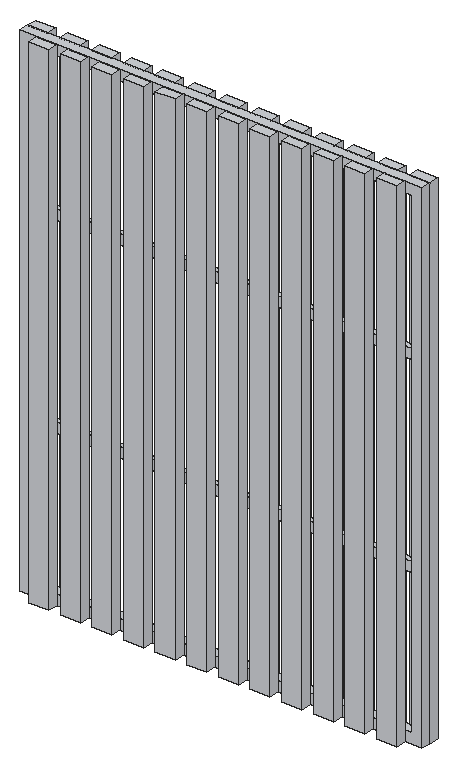
Revit family "Privacy Screen_Virtical Members_Double", category Generic Models, Revit 2025
Family settings
  Can host rebar = No
  Round Connector Dimension = Use Diameter
  Part Type = Normal
  Work Plane-Based = No
  Always vertical = Yes
  Cut with Voids When Loaded = No
  Maintain Annotation Orientation = No
  Shared = No
  Room Calculation Point = No
Parameters
  Screen height [instance] = 2500 mm
  Screen Width [instance] = 2000 mm
  Post Width = 100 mm
  Post Height [instance] = Screen height  # 2500 mm
  Post Depth = 50 mm
  Material = none
  Frame Width = 50 mm
  Frame Depth = 50 mm
  Default Elevation = 0 mm
  Bottom Battern Height [instance] = 750 mm
  Battern Width = 25 mm
  Battern Thickness = 50 mm
  Battern Spacing [instance] = (Battern Length - Post Width) / Baluster Count / 2  # 69.231 mm
  Battern Space [instance] = 1000 mm
  Battern Length [instance] = Screen Width - 2 * Frame Depth  # 1900 mm
  Baluster Start [instance] = 50 mm  # constant formula
  Baluster Count 2 [instance] = (Screen Width / Post Depth) / 3 - 1  # 12
  Baluster Count [instance] = (Screen Width / Post Depth) / 3  # 13
  Baluster 2 Start [instance] = Post Width + Battern Spacing / 2  # 134.615 mm
Reference planes
  plane 1 "Center (Front/Back)": y = 0
  plane 2: z = 0
  plane 3 "Center (Left/Right)": x = 0
  plane 4: x = -1000
  plane 5: x = 1000
  plane 6: z = 2500
  plane 7: z = 50
  plane 8: x = -950
  plane 9: x = 950
  plane 10: z = 2450
  plane 11: y = -25
  plane 12: y = 25
  plane 13: x = -900
  plane 14: x = -950
  plane 15: x = 900
  plane 16: x = 950
  plane 17: z = 750
  plane 18: z = 1750
  plane 19: y = 0
  plane 20: x = -865.385
  plane 21: x = 865.385
  plane 22: y = -50
  plane 23: x = -865.385
  plane 24: x = -950
  plane 25: x = 950
  plane 26: x = -791.667
  plane 27: x = -633.333
  plane 28: x = -475
  plane 29: x = -316.667
  plane 30: x = -158.333
  plane 31: x = 0
  plane 32: x = 158.333
  plane 33: x = 316.667
  plane 34: x = 475
  plane 35: x = 633.333
  plane 36: x = 791.667
  plane 37: x = 865.385
  plane 38: x = -708.042
  plane 39: x = -550.699
  plane 40: x = -393.357
  plane 41: x = -236.014
  plane 42: x = -78.671
  plane 43: x = 78.671
  plane 44: x = 236.014
  plane 45: x = 393.357
  plane 46: x = 550.699
  plane 47: x = 708.042
Forms (mm)
  Sweep 1, solid, material <- "Material"
    path origin (0, 0, 0) x (1, 0, 0) y (0, 0, 1)
      loop
        line (-1000, 0) -> (1000, 0) -> (1000, 2500) -> (-1000, 2500) -> (-1000, 0)
    profile origin (-1000, 0, 1250) x (0, -1, 0) y (1, 0, 0)
      loop
        line (0, 0) -> (50, 0) -> (50, 50) -> (0, 50) -> (0, 0)
Dimensions and locks
  equal spacing: plane 4, plane 3 "Center (Left/Right)", plane 5
  "Screen Width": plane 4 to plane 5
  "Screen height": plane 6 to plane 2
  "Frame Depth": Sweep 1 sketch curve to Sweep 1 sketch curve
  "Frame Width": Sweep 1 sketch curve to Sweep 1 sketch curve
  "Frame Depth": plane 7 to plane 2
  "Frame Depth": plane 8 to plane 4
  "Frame Depth": plane 9 to plane 5
  "Frame Depth": plane 10 to plane 6
  equal spacing: plane 12, plane 1 "Center (Front/Back)", plane 11
  "Frame Width": plane 12 to plane 11
  "Frame Depth": plane 4 to plane 14
  "Baluster Start": plane 14 to plane 13
  "Frame Depth": plane 5 to plane 16
  "Baluster Start": plane 15 to plane 16
  equal spacing: group 1, group 3, group 4, group 5, group 6, group 7, group 8, group 9, group 10, group 11, group 12, group 13, group 2  (x3)
  "Bottom Battern Height": plane 17 to level
  "Battern Space": plane 18 to plane 17
  "Battern Width": plane 11 to plane 19
  equal spacing: group 14, group 16, group 17, group 18, group 19, group 20, group 21, group 22, group 23, group 24, group 25, group 15  (x3)
  "Baluster 2 Start": plane 4 to plane 20
  "Baluster 2 Start": plane 21 to plane 5
  "Frame Width": plane 22 to plane 1 "Center (Front/Back)"
  nested 3 to nested 5 = 58.333 mm
  aligned and locked: level to plane 2
  aligned and locked: Sweep 1 sketch curve to level
  aligned and locked: Sweep 1 sketch curve to plane 4
  aligned and locked: plane 6 to Sweep 1 sketch curve
  aligned and locked: Sweep 1 sketch curve to plane 5
  aligned and locked: nested 1 to plane 3 "Center (Left/Right)"
  aligned and locked: plane 11 to nested 1
  aligned and locked: nested 1 to plane 17
  aligned and locked: plane 11 to nested 2
  aligned and locked: nested 2 to plane 3 "Center (Left/Right)"
  aligned and locked: plane 18 to nested 2
  aligned and locked: profile plane to Sweep 1 sketch curve
  aligned and locked: plane 1 "Center (Front/Back)" to nested 3  (x2)
  aligned and locked: plane 4 to nested 3
  aligned and locked: plane 5 to nested 4
  aligned and locked: plane 1 "Center (Front/Back)" to nested 4
  aligned and locked: nested 16 to plane 20
  aligned and locked: nested 17 to plane 21
  aligned and locked: nested 16 to plane 22
  aligned and locked: nested 17 to plane 22
  aligned and locked: plane 23 to nested 16
  aligned and locked: plane 24 to nested 3
  aligned and locked: plane 25 to nested 4
  aligned and locked: plane 26 to nested 5
  aligned and locked: plane 27 to nested 6
  aligned and locked: plane 28 to nested 7
  aligned and locked: plane 29 to nested 8
  aligned and locked: plane 30 to nested 9
  aligned and locked: plane 31 to nested 10
  aligned and locked: plane 32 to nested 11
  aligned and locked: plane 33 to nested 12
  aligned and locked: plane 34 to nested 13
  aligned and locked: plane 35 to nested 14
  aligned and locked: plane 36 to nested 15
  aligned and locked: plane 37 to nested 17
  aligned and locked: plane 38 to nested 18
  aligned and locked: plane 39 to nested 19
  aligned and locked: plane 40 to nested 20
  aligned and locked: plane 41 to nested 21
  aligned and locked: plane 42 to nested 22
  aligned and locked: plane 43 to nested 23
  aligned and locked: plane 44 to nested 24
  aligned and locked: plane 45 to nested 25
  aligned and locked: plane 46 to nested 26
  aligned and locked: plane 47 to nested 27
  aligned and locked: plane 23 to plane 20
  aligned and locked: plane 37 to plane 21
Automatic sketch dimensions
  Sweep 1 sketch curve to profile plane = 0 mm
Nested families
  nested 1: "Screen Front Battern" at (0, -12.5, 750) x (-1, 0, 0) z (0, 0, 1), type "Screen Front Battern"
    with Length 1900 mm
  nested 2: "Screen Front Battern" at (0, -12.5, 1700) x (-1, 0, 0) z (0, 0, 1), type "Screen Front Battern"
    with Length 1900 mm
  nested 3: "Screen Post" at (-950, 25, 0) x (-1, 0, 0) z (0, 0, 1), type "Screen Post"
    with Width 100 mm, Length 50 mm, Height 2500 mm
  nested 4: "Screen Post" at (950, 25, 0) x (-1, 0, 0) z (0, 0, 1), type "Screen Post"
    with Width 100 mm, Length 50 mm, Height 2500 mm
  nested 5: "Screen Post" at (-791.667, 25, 0) x (-1, 0, 0) z (0, 0, 1), type "Screen Post"
    with Width 100 mm, Length 50 mm, Height 2500 mm
  nested 6: "Screen Post" at (-633.333, 25, 0) x (-1, 0, 0) z (0, 0, 1), type "Screen Post"
    with Width 100 mm, Length 50 mm, Height 2500 mm
  nested 7: "Screen Post" at (-475, 25, 0) x (-1, 0, 0) z (0, 0, 1), type "Screen Post"
    with Width 100 mm, Length 50 mm, Height 2500 mm
  nested 8: "Screen Post" at (-316.667, 25, 0) x (-1, 0, 0) z (0, 0, 1), type "Screen Post"
    with Width 100 mm, Length 50 mm, Height 2500 mm
  nested 9: "Screen Post" at (-158.333, 25, 0) x (-1, 0, 0) z (0, 0, 1), type "Screen Post"
    with Width 100 mm, Length 50 mm, Height 2500 mm
  nested 10: "Screen Post" at (0, 25, 0) x (-1, 0, 0) z (0, 0, 1), type "Screen Post"
    with Width 100 mm, Length 50 mm, Height 2500 mm
  nested 11: "Screen Post" at (158.333, 25, 0) x (-1, 0, 0) z (0, 0, 1), type "Screen Post"
    with Width 100 mm, Length 50 mm, Height 2500 mm
  nested 12: "Screen Post" at (316.667, 25, 0) x (-1, 0, 0) z (0, 0, 1), type "Screen Post"
    with Width 100 mm, Length 50 mm, Height 2500 mm
  nested 13: "Screen Post" at (475, 25, 0) x (-1, 0, 0) z (0, 0, 1), type "Screen Post"
    with Width 100 mm, Length 50 mm, Height 2500 mm
  nested 14: "Screen Post" at (633.333, 25, 0) x (-1, 0, 0) z (0, 0, 1), type "Screen Post"
    with Width 100 mm, Length 50 mm, Height 2500 mm
  nested 15: "Screen Post" at (791.667, 25, 0) x (-1, 0, 0) z (0, 0, 1), type "Screen Post"
    with Width 100 mm, Length 50 mm, Height 2500 mm
  nested 16: "Screen Post" at (-865.385, -75, 0) x (-1, 0, 0) z (0, 0, 1), type "Screen Post"
    with Width 100 mm, Length 50 mm, Height 2500 mm
  nested 17: "Screen Post" at (865.385, -75, 0) x (-1, 0, 0) z (0, 0, 1), type "Screen Post"
    with Width 100 mm, Length 50 mm, Height 2500 mm
  nested 18: "Screen Post" at (-708.042, -75, 0) x (-1, 0, 0) z (0, 0, 1), type "Screen Post"
    with Width 100 mm, Length 50 mm, Height 2500 mm
  nested 19: "Screen Post" at (-550.699, -75, 0) x (-1, 0, 0) z (0, 0, 1), type "Screen Post"
    with Width 100 mm, Length 50 mm, Height 2500 mm
  nested 20: "Screen Post" at (-393.357, -75, 0) x (-1, 0, 0) z (0, 0, 1), type "Screen Post"
    with Width 100 mm, Length 50 mm, Height 2500 mm
  nested 21: "Screen Post" at (-236.014, -75, 0) x (-1, 0, 0) z (0, 0, 1), type "Screen Post"
    with Width 100 mm, Length 50 mm, Height 2500 mm
  nested 22: "Screen Post" at (-78.671, -75, 0) x (-1, 0, 0) z (0, 0, 1), type "Screen Post"
    with Width 100 mm, Length 50 mm, Height 2500 mm
  nested 23: "Screen Post" at (78.671, -75, 0) x (-1, 0, 0) z (0, 0, 1), type "Screen Post"
    with Width 100 mm, Length 50 mm, Height 2500 mm
  nested 24: "Screen Post" at (236.014, -75, 0) x (-1, 0, 0) z (0, 0, 1), type "Screen Post"
    with Width 100 mm, Length 50 mm, Height 2500 mm
  nested 25: "Screen Post" at (393.357, -75, 0) x (-1, 0, 0) z (0, 0, 1), type "Screen Post"
    with Width 100 mm, Length 50 mm, Height 2500 mm
  nested 26: "Screen Post" at (550.699, -75, 0) x (-1, 0, 0) z (0, 0, 1), type "Screen Post"
    with Width 100 mm, Length 50 mm, Height 2500 mm
  nested 27: "Screen Post" at (708.042, -75, 0) x (-1, 0, 0) z (0, 0, 1), type "Screen Post"
    with Width 100 mm, Length 50 mm, Height 2500 mm
Definition of nested family "Screen Front Battern"
  Parameters (values of type "Screen Front Battern")
    Width = 25 mm
    Thickness = 50 mm
    Material = none
    Length = 1000 mm
    Default Elevation = 0 mm
  Reference planes
    plane 1 "Center (Front/Back)": y = 0
    plane 2: z = 0
    plane 3 "Center (Left/Right)": x = 0
    plane 4: y = 12.5
    plane 5: y = -12.5
    plane 6: x = -500
    plane 7: x = 500
    plane 8: z = 50
  Forms (mm)
    Extrusion 1, solid
      sketch origin (0, 0, 0) x (0, 1, 0) y (0, 0, 1)
        loop
          line (12.5, 0) -> (12.5, 50) -> (-12.5, 50) -> (-12.5, 0) -> (12.5, 0)
      from -500 to 500
  Dimensions and locks
    equal spacing: plane 5, plane 1 "Center (Front/Back)", plane 4
    equal spacing: plane 6, plane 3 "Center (Left/Right)", plane 7
    "Length": plane 6 to plane 7
    "Thickness": plane 8 to plane 2
    equal spacing: plane 4, plane 1 "Center (Front/Back)", plane 5
    "Width": plane 4 to plane 5
    aligned and locked: level to plane 2
    aligned and locked: level to Extrusion 1 sketch curve
    aligned and locked: Extrusion 1 sketch curve to plane 4
    aligned and locked: Extrusion 1 sketch curve to plane 8
    aligned and locked: Extrusion 1 sketch curve to plane 5
    aligned and locked: Extrusion 1 to plane 6
    aligned and locked: Extrusion 1 to plane 7
Definition of nested family "Screen Post"
  Parameters (values of type "Screen Post")
    Width = 150 mm
    Material = none
    Length = 150 mm
    Height = 1500 mm
    Default Elevation = 0 mm
  Reference planes
    plane 1 "Center (Front/Back)": y = 0
    plane 2: z = 0
    plane 3 "Center (Left/Right)": x = 0
    plane 4: y = 75
    plane 5: y = -75
    plane 6: x = -75
    plane 7: x = 75
    plane 8: z = 1500
  Forms (mm)
    Extrusion 1, solid, material <- "Material"
      sketch origin (0, 0, 0) x (1, 0, 0) y (0, 1, 0)
        loop
          line (-75, -75) -> (75, -75) -> (75, 75) -> (-75, 75) -> (-75, -75)
      from 0 to 1500
  Dimensions and locks
    equal spacing: plane 5, plane 1 "Center (Front/Back)", plane 4
    "Length": plane 4 to plane 5
    equal spacing: plane 6, plane 3 "Center (Left/Right)", plane 7
    "Width": plane 6 to plane 7
    "Height": plane 8 to plane 2
    aligned and locked: level to plane 2
    aligned and locked: plane 5 to Extrusion 1 sketch curve
    aligned and locked: Extrusion 1 sketch curve to plane 6
    aligned and locked: plane 4 to Extrusion 1 sketch curve
    aligned and locked: Extrusion 1 sketch curve to plane 7
    aligned and locked: plane 8 to Extrusion 1
    aligned and locked: Extrusion 1 to level
